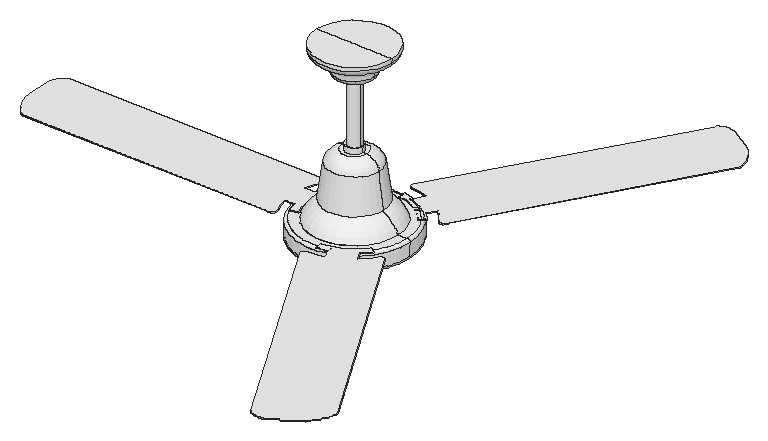
Revit family
Parameters (values of type "Cooling Fan")
  URL = "www.clipsal.com"
  Model = "ACES48"
  Material Finish = Stainless Steel
  Manufacturer = "Clipsal"
  Description = "1200mm"
Reference planes
  plane 1 "Center (Front/Back)": y = 0
  plane 2 "Ceiling": z = 2438.4
  plane 3 "Center (Left/Right)": x = 0
  plane 4 "Fan Blade": z = 2156.4
Forms (mm)
  Revolve 1, solid, material "Stainless Steel" <- "Material Finish"
    sketch origin (0, 0, 0) x (1, 0, 0) y (0, 0, 1)
      loop
        line (-4, 2102.4) -> (-22.685, 2102.4)
        arc (-22.685, 2102.4) -> (-11.527, 2099.353) -> (0, 2098.4) r 62.929
        line (0, 2098.4) -> (0, 2438.4) -> (-68, 2438.4) -> (-68, 2432.4) -> (-67, 2432.4)
        arc (-67, 2432.4) -> (-63.778, 2424.622) -> (-56, 2421.4) r 11
        arc (-56, 2421.4) -> (-41.349, 2413.032) -> (-35, 2397.4) r 25.807
        arc (-35, 2397.4) -> (-32.95, 2392.45) -> (-28, 2390.4) r 7
        line (-28, 2390.4) -> (-15, 2390.4)
        arc (-15, 2390.4) -> (-13.028, 2389.789) -> (-11.5, 2388.4) r 4.762
        line (-11.5, 2388.4) -> (-11.5, 2277.4) -> (-15, 2277.4) -> (-15, 2268.4) -> (-22.5, 2268.4)
        arc (-22.5, 2268.4) -> (-36.647, 2261.448) -> (-44.56, 2247.816) r 27.191
        line (-44.56, 2247.816) -> (-52.911, 2188.4) -> (-35.018, 2188.4)
        arc (-35.018, 2188.4) -> (-60.882, 2178.273) -> (-78, 2156.4) r 52.68
        line (-78, 2156.4) -> (-95, 2156.4)
        arc (-95, 2156.4) -> (-98.536, 2154.936) -> (-100, 2151.4) r 5
        line (-100, 2151.4) -> (-100, 2129.4)
        arc (-100, 2129.4) -> (-98.536, 2125.864) -> (-95, 2124.4) r 5
        line (-95, 2124.4) -> (-87, 2124.4)
        arc (-87, 2124.4) -> (-46.491, 2110.831) -> (-4, 2106.4) r 195.189
        line (-4, 2106.4) -> (-4, 2102.4)
      axis (0, 2098.4) -> (0, 2438.4)
    angle from 0 to 360
  Extrusion 2, solid, material "Stainless Steel" <- "Material Finish"
    sketch origin (0, 0, 2156.4) x (0, -1, 0) y (1, 0, 0)
      loop
        line (22.5, -107.594) -> (22.5, -90.214)
        arc (22.5, -90.214) -> (32.052, -87.502) -> (41.289, -83.856) r 100
        line (41.289, -83.856) -> (35.921, -72.016)
        arc (35.921, -72.016) -> (0, -79.778) -> (-35.921, -72.016) r 87
        line (-35.921, -72.016) -> (-41.289, -83.856)
        arc (-41.289, -83.856) -> (-32.052, -87.502) -> (-22.5, -90.214) r 100
        line (-22.5, -90.214) -> (-22.5, -107.594)
        arc (-22.5, -107.594) -> (-36.901, -103.806) -> (-50.704, -98.22) r 117
        arc (-50.704, -98.22) -> (-57.463, -98.603) -> (-60.737, -104.529) r 7
        line (-60.737, -104.529) -> (-60.737, -562.018)
        arc (-60.737, -562.018) -> (-60.57, -563.537) -> (-60.078, -564.984) r 7
        arc (-60.078, -564.984) -> (-51.45, -575.557) -> (-38.842, -580.778) r 27.918
        line (-38.842, -580.778) -> (4.036, -580.778)
        arc (4.036, -580.778) -> (34.342, -573.48) -> (59.062, -554.49) r 74.986
        arc (59.062, -554.49) -> (60.305, -552.368) -> (60.737, -549.946) r 7
        line (60.737, -549.946) -> (60.737, -104.529)
        arc (60.737, -104.529) -> (57.463, -98.603) -> (50.704, -98.22) r 7
        arc (50.704, -98.22) -> (36.901, -103.806) -> (22.5, -107.594) r 117
    from 0 to 1
  Extrusion 3, solid, material "Stainless Steel" <- "Material Finish"
    sketch origin (4.33, 7.818, 2156.4) x (-0.5, -0.866025, 0) y (-0.866025, 0.5, 0)
      loop
        line (-107.594, -22.5) -> (-90.214, -22.5)
        arc (-90.214, -22.5) -> (-87.502, -32.052) -> (-83.856, -41.289) r 100
        line (-83.856, -41.289) -> (-72.016, -35.921)
        arc (-72.016, -35.921) -> (-79.778, 0) -> (-72.016, 35.921) r 87
        line (-72.016, 35.921) -> (-83.856, 41.289)
        arc (-83.856, 41.289) -> (-87.502, 32.052) -> (-90.214, 22.5) r 100
        line (-90.214, 22.5) -> (-107.594, 22.5)
        arc (-107.594, 22.5) -> (-103.806, 36.901) -> (-98.22, 50.704) r 117
        arc (-98.22, 50.704) -> (-98.603, 57.463) -> (-104.529, 60.737) r 7
        line (-104.529, 60.737) -> (-562.018, 60.737)
        arc (-562.018, 60.737) -> (-563.537, 60.57) -> (-564.984, 60.078) r 7
        arc (-564.984, 60.078) -> (-575.557, 51.45) -> (-580.778, 38.842) r 27.918
        line (-580.778, 38.842) -> (-580.778, -4.036)
        arc (-580.778, -4.036) -> (-573.48, -34.342) -> (-554.49, -59.062) r 74.986
        arc (-554.49, -59.062) -> (-552.368, -60.305) -> (-549.946, -60.737) r 7
        line (-549.946, -60.737) -> (-104.529, -60.737)
        arc (-104.529, -60.737) -> (-98.603, -57.463) -> (-98.22, -50.704) r 7
        arc (-98.22, -50.704) -> (-103.806, -36.901) -> (-107.594, -22.5) r 117
    from 0 to 1
  Extrusion 4, solid, material "Stainless Steel" <- "Material Finish"
    sketch origin (4.33, -7.818, 2156.4) x (0.866025, 0.5, 0) y (-0.5, 0.866025, 0)
      loop
        line (22.5, -107.594) -> (22.5, -90.214)
        arc (22.5, -90.214) -> (32.052, -87.502) -> (41.289, -83.856) r 100
        line (41.289, -83.856) -> (35.921, -72.016)
        arc (35.921, -72.016) -> (0, -79.778) -> (-35.921, -72.016) r 87
        line (-35.921, -72.016) -> (-41.289, -83.856)
        arc (-41.289, -83.856) -> (-32.052, -87.502) -> (-22.5, -90.214) r 100
        line (-22.5, -90.214) -> (-22.5, -107.594)
        arc (-22.5, -107.594) -> (-36.901, -103.806) -> (-50.704, -98.22) r 117
        arc (-50.704, -98.22) -> (-57.463, -98.603) -> (-60.737, -104.529) r 7
        line (-60.737, -104.529) -> (-60.737, -562.018)
        arc (-60.737, -562.018) -> (-60.57, -563.537) -> (-60.078, -564.984) r 7
        arc (-60.078, -564.984) -> (-51.45, -575.557) -> (-38.842, -580.778) r 27.918
        line (-38.842, -580.778) -> (4.036, -580.778)
        arc (4.036, -580.778) -> (34.342, -573.48) -> (59.062, -554.49) r 74.986
        arc (59.062, -554.49) -> (60.305, -552.368) -> (60.737, -549.946) r 7
        line (60.737, -549.946) -> (60.737, -104.529)
        arc (60.737, -104.529) -> (57.463, -98.603) -> (50.704, -98.22) r 7
        arc (50.704, -98.22) -> (36.901, -103.806) -> (22.5, -107.594) r 117
    from 0 to 1
Lines and regions (mm)
  model lines
    curve 1: line (-1524, 1524, 0) -> (1524, 1524, 0)
    curve 2: line (-1524, 1524, 0) -> (-1524, -1524, 0)
    curve 3: line (-1524, -1524, 0) -> (1524, -1524, 0)
    curve 4: line (1524, 1524, 0) -> (1524, -1524, 0)
  symbolic lines, style "InvisibleLines"
    curve 5: line (0, 0, 2438.4) -> (0, 0, 0)
  symbolic lines, style "Ceiling Fan Blades"
    curve 6: line (-78, 0, 2156.4) -> (-580.778, 0, 2156.4)
    curve 7: line (78, 0, 2156.4) -> (580.778, 0, 2156.4)
Nested families
  nested 1: "AUS_Ceiling fan" at (0, 2.5, 0), type "AUS_Ceiling fan"
Definition of nested family "AUS_Ceiling fan"
  Reference planes
    plane 1: y = 0
    plane 2: x = 0
  Lines and regions (mm)
    detail lines
      curve 1: circle (0, 0, 0) r 6 normal (0, 0, 1)
      curve 2: line (0, 0, 0) -> (0, 6, 0)
      curve 3: line (0, 0, 0) -> (5.196, -3, 0)
      curve 4: line (0, 0, 0) -> (-5.196, -3, 0)
